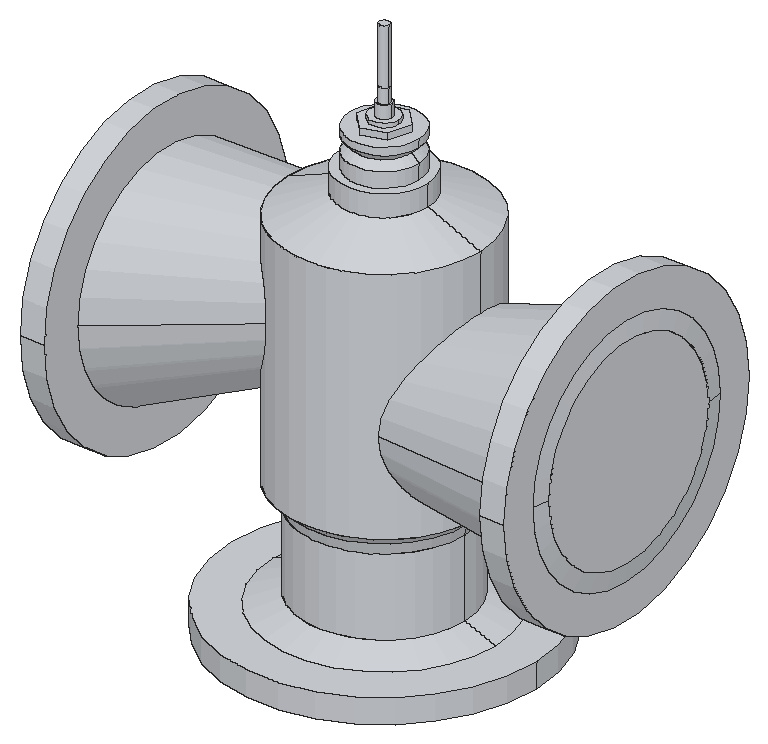
Revit family "3FGB_PN16_DN125_RFA_2018", category Pipe Accessories, Revit 2018
Family settings
  Round Connector Dimension = Use Diameter
  Part Type = Valve - Breaks Into
  Work Plane-Based = No
  Always vertical = Yes
  Cut with Voids When Loaded = No
  Shared = No
Parameters (values of type "3FGB PN16 DN125")
  magiProductId = ""
  magiProductFamilyId = ""
  magiPartTypeId = 320
  isMeasuringValve [instance] = no
  ang2D [instance] = 0.00°
  Z9 = 4.2 mm
  Z8 = 5.7 mm
  Z7 = 3 mm
  Z6 = 6 mm
  Z5 = 6 mm
  Z4 = 12 mm
  Z3 = 194.35 mm
  Z19 = 9.9 mm
  Z18 = 29.25 mm
  Z17 = 4.5 mm
  Z16 = 11.25 mm
  Z15 = 48.65 mm
  Z14__ve = -Z14  # -17.375 mm
  Z14 = 17.375 mm
  Z13 = 9.01 mm
  Z12 = 63.07 mm
  Z11 = 84 mm
  Z10 = 5.1 mm
  Y1 = 71.28 mm
  X4 = 19.8 mm
  X3 = 31.68 mm
  X2__ve = -X2  # -19.8 mm
  X2 = 19.8 mm
  X1 = 2 mm
  W2D = 125 mm
  VersionID = ""
  Use Minimum Symbol Size [instance] = no
  URL = "www.hydronix.cz"
  Type Comments = "Přírubový; EQM charakteristika ve směru A-AB; PN16; -10~+150°C"
  R9 = 4 mm
  R8 = 8.661 mm
  R7 = 11.547 mm
  R6 = 19.246 mm
  R5 = 22.81 mm
  R4 = 28.512 mm
  R3 = 35.64 mm
  R2 = 68.625 mm
  R13 = 65.88 mm
  R12 = 6.062 mm
  R11 = 11.692 mm
  R10 = 7.794 mm
  R1 = 54.9 mm
  QmdConnectorList = "301;D;302;D;303;D"
  Productdata [instance] = ""
  N = 8
  Manufacturer = "Hydronix"
  Maintenance Zone Under Depth [instance] = 234 mm
  Maintenance Zone Right Depth [instance] = 200 mm
  Maintenance Zone Over Depth [instance] = 244 mm
  Maintenance Zone Left Depth [instance] = 200 mm
  Maintenance Zone Front Depth [instance] = 125 mm
  Maintenance Zone Back Depth [instance] = 125 mm
  Maintenance Zone Front Visibility [instance] = no
  MT = 2
  MC Product Code = "3FGB125 (DN125; PN16; kvs200)"
  MC = yes
  LT2 = 200 mm
  L2D_Min = 30.48 mm
  L2D = 400 mm
  L = 400 mm
  HD = 18 mm
  HCDT2 = 91.5 mm
  HCD = 210 mm
  H4 = 200 mm
  H3 = 139 mm
  H2 = 45 mm
  H1 = 199 mm
  FDT2 = 125 mm
  FD = 250 mm
  Description = "3 cestný regulační ventil přírubový; DN125; PN16; kvs200; zdvih 45mm"
  DT2 = 62.5 mm
  D4 = 81.6 mm
  D3 = 96 mm
  D2 = 79.2 mm
  D = 125 mm
  CenSd_R6_6 = R6 * cos(30.00°)  # 16.667 mm
  Clearance Zone Height Depth [instance] = 244 mm
  Clearance Zone Circular Radius [instance] = 200 mm
  Clearance Zone Visibility [instance] = no
  CAT0 = yes
  CAT = no
  Assembly Code = ""
  A1 = 155.48 mm
Types (5, lengths in mm): name | Z9 | Z8 | Z6 | Z5 | Z4 | Z3 | Z19 | Z18 | Z17 | Z16 | Z15 | Z14__ve | Z14 | Z13 | Z12 | Z11 | Z10 | Y1 | X4 | X3 | X2__ve | X2 | W2D | R8 | R7 | R6 | R5 | R4 | R3 | R2 | R13 | R12 | R11 | R10 | R1 | N | Maintenance Zone Under Depth | Maintenance Zone Right Depth | Maintenance Zone Over Depth | Maintenance Zone Left Depth | Maintenance Zone Front Depth | Maintenance Zone Back Depth | MC Product Code | LT2 | L2D | L | HD | HCDT2 | HCD | H4 | H3 | H2 | H1 | FDT2 | FD | Description | DT2 | D4 | D3 | D2 | D | CenSd_R6_6 | Clearance Zone Height Depth | Clearance Zone Circular Radius | A1
  3FGB PN16 DN100 | 4.165 | 5.602 | 5.95 | 5.95 | 11.9 | 166.225 | 9.767 | 29.25 | 4.5 | 11.25 | 40.775 | -14.562 | 14.562 | 7.885 | 55.195 | 72 | 5.082 | 62.28 | 17.3 | 27.68 | -17.3 | 17.3 | 100 | 7.567 | 10.089 | 16.816 | 19.93 | 24.912 | 31.14 | 57.375 | 55.08 | 5.297 | 10.215 | 6.81 | 45.9 | 8 | 207 | 175 | 221 | 175 | 110 | 110 | "3FGB100 (DN100; PN16; kvs130)" | 175 | 350 | 350 | 18 | 76.5 | 180 | 175 | 116.5 | 45 | 176 | 110 | 220 | "3 cestný regulační ventil přírubový; DN100; PN16; kvs130; zdvih 45mm" | 50 | 68.85 | 81 | 69.2 | 100 | 14.563 | 221 | 175 | 132.98
  3FGB PN16 DN125 | 4.2 | 5.7 | 6 | 6 | 12 | 194.35 | 9.9 | 29.25 | 4.5 | 11.25 | 48.65 | -17.375 | 17.375 | 9.01 | 63.07 | 84 | 5.1 | 71.28 | 19.8 | 31.68 | -19.8 | 19.8 | 125 | 8.661 | 11.547 | 19.246 | 22.81 | 28.512 | 35.64 | 68.625 | 65.88 | 6.062 | 11.692 | 7.794 | 54.9 | 8 | 234 | 200 | 244 | 200 | 125 | 125 | "3FGB125 (DN125; PN16; kvs200)" | 200 | 400 | 400 | 18 | 91.5 | 210 | 200 | 139 | 45 | 199 | 125 | 250 | "3 cestný regulační ventil přírubový; DN125; PN16; kvs200; zdvih 45mm" | 62.5 | 81.6 | 96 | 79.2 | 125 | 16.667 | 244 | 200 | 155.48
  3FGB PN16 DN150 | 4.2 | 5.7 | 6 | 6 | 12 | 225.85 | 9.9 | 29.25 | 4.5 | 11.25 | 54.95 | -19.625 | 19.625 | 10.81 | 75.67 | 96 | 5.1 | 85.68 | 23.8 | 38.08 | -23.8 | 23.8 | 150 | 10.41 | 13.88 | 23.134 | 27.418 | 34.272 | 42.84 | 77.625 | 74.52 | 7.287 | 14.054 | 9.369 | 62.1 | 8 | 277 | 240 | 262 | 240 | 142.5 | 142.5 | "3FGB150 (DN150; PN16; kvs300)" | 240 | 480 | 480 | 22 | 103.5 | 240 | 240 | 157 | 45 | 217 | 142.5 | 285 | "3 cestný regulační ventil přírubový; DN150; PN16; kvs300; zdvih 45mm" | 75 | 92.65 | 109 | 95.2 | 150 | 20.034 | 262 | 240 | 180.68
  3FGB PN16 DN065 | 4.2 | 5.7 | 6 | 6 | 12 | 136.6 | 9.9 | 16.25 | 2.5 | 6.25 | 33.25 | -11.875 | 11.875 | 6.535 | 45.745 | 58 | 5.1 | 51.48 | 14.3 | 22.88 | -14.3 | 14.3 | 65 | 6.255 | 8.34 | 13.9 | 16.474 | 20.592 | 25.74 | 44.25 | 42.48 | 4.378 | 8.444 | 5.629 | 35.4 | 4 | 175 | 145 | 180 | 145 | 92.5 | 92.5 | "3FGB65 (DN65; PN16; kvs63)" | 145 | 290 | 290 | 18 | 59 | 145 | 145 | 95 | 25 | 155 | 92.5 | 185 | "3 cestný regulační ventil přírubový; DN65; PN16; kvs63; zdvih 25mm" | 32.5 | 53.975 | 63.5 | 57.2 | 65 | 12.037 | 180 | 145 | 109.28
  3FGB PN16 DN080 | 4.2 | 5.7 | 6 | 6 | 12 | 148.6 | 9.9 | 29.25 | 4.5 | 11.25 | 36.75 | -13.125 | 13.125 | 6.985 | 48.895 | 64 | 5.1 | 55.08 | 15.3 | 24.48 | -15.3 | 15.3 | 80 | 6.692 | 8.923 | 14.872 | 17.626 | 22.032 | 27.54 | 49.875 | 47.88 | 4.685 | 9.034 | 6.023 | 39.9 | 4 | 187 | 155 | 210 | 155 | 100 | 100 | "3FGB80 (DN80; PN16; kvs100)" | 155 | 310 | 310 | 18 | 66.5 | 160 | 155 | 105 | 45 | 165 | 100 | 200 | "3 cestný regulační ventil přírubový; DN80; PN16; kvs100; zdvih 45mm" | 40 | 60.35 | 71 | 61.2 | 80 | 12.879 | 210 | 155 | 118.88
Reference planes
  plane 1 "Center (Front/Back)": y = 0
  plane 2 "XYPLANE": z = 0
  plane 3 "Center (Left/Right)": x = 0
  plane 4 "227": z = -234
  plane 5 "226": y = 125
  plane 6 "225": y = -125
  plane 7 "224": x = 200
  plane 8 "223": x = -200
  plane 9 "222": z = 244
  plane 10 "182": z = 199
  plane 11 "161": z = 187
  plane 12 "158": z = 181.3
  plane 13 "150": z = 177.1
  plane 14 "148": z = 174.1
  plane 15 "142": z = 169
  plane 16 "136": z = 163
  plane 17 "135": z = 157
  plane 18 "131": z = 151
  plane 19 "78": z = 104.25
  plane 20 "77": z = 121.625
  plane 21 "74": z = 139
  plane 22 "70": z = -90.1
  plane 23 "65": z = -99.11
  plane 24 "64": z = -108.12
  plane 25 "58": z = -171.19
  plane 26 "57": z = -180.2
  plane 27 "46": z = -200
  plane 28 "28": x = 178.2
  plane 29 "27": x = 198
  plane 30 "21": z = -20
  plane 31 "16": z = 48.65
  plane 32 "13": x = -178.2
  plane 33 "7": x = -198
  plane 34 "6": x = 200
  plane 35 "5": x = -200
  plane 36 "3": y = 0
  plane 37 "2": z = 0
  plane 38 "1": x = 0
Forms (mm)
  Extrusion 1, solid, visible <- "Clearance Zone Visibility"
    sketch origin (-750, 0, 0) x (1, 0, 0) y (0, 1, 0)
      loop
        circle (750, 0) r 200
    from 0 to 244 <- "Clearance Zone Height Depth"
  Blend 2, solid, visible <- "Maintenance Zone Front Visibility"
    base sketch origin (-750, 0, 244) x (1, 0, 0) y (0, 1, 0)
      loop
        line (550, 125) -> (550, -125) -> (950, -125) -> (950, 125) -> (550, 125)
    top sketch origin (-750, 0, 244) x (1, 0, 0) y (0, 1, 0)
      loop
        line (550, 125) -> (550, -125) -> (950, -125) -> (950, 125) -> (550, 125)
    from 0 to -478
  Extrusion 3, solid
    sketch origin (-750, 0, 177.1) x (1, 0, 0) y (0, 1, 0)
      loop
        circle (750, 0) r 6.062
    from 0 to 9.9 <- "Z19"
  Extrusion 4, solid
    sketch origin (-750, 0, 199) x (1, 0, 0) y (0, 1, 0)
      loop
        circle (750, 0) r 4
    from 0 to 45 <- "H2"
  Extrusion 5, solid
    sketch origin (-750, 0, 187) x (1, 0, 0) y (0, 1, 0)
      loop
        circle (750, 0) r 4
    from 0 to 12 <- "Z4"
  Extrusion 6, solid
    sketch origin (-750, 0, 174.1) x (1, 0, 0) y (0, 1, 0)
      loop
        circle (750, 0) r 11.547
    from 0 to 3 <- "Z7"
  Extrusion 7, solid
    sketch origin (-750, 0, 169) x (1, 0, 0) y (0, 1, 0)
      loop
        line (763.609, -13.609) -> (768.59, 4.981) -> (754.981, 18.59) -> (736.391, 13.609) -> (731.41, -4.981) -> (745.019, -18.59) -> (763.609, -13.609)
    from 0 to 5.1 <- "Z10"
  Extrusion 8, solid
    sketch origin (-750, 0, 163) x (1, 0, 0) y (0, 1, 0)
      loop
        circle (750, 0) r 28.512
    from 0 to 6 <- "Z6"
  Blend 9, solid
    base sketch origin (-750, 0, 157) x (1, 0, 0) y (0, 1, 0)
      loop
        circle (750, 0) r 22.81
    top sketch origin (-750, 0, 157) x (1, 0, 0) y (0, 1, 0)
      loop
        circle (750, 0) r 28.512
    from 0 to 6
  Blend 10, solid
    base sketch origin (-750, 0, 151) x (1, 0, 0) y (0, 1, 0)
      loop
        circle (750, 0) r 28.512
    top sketch origin (-750, 0, 151) x (1, 0, 0) y (0, 1, 0)
      loop
        circle (750, 0) r 22.81
    from 0 to 6
  Extrusion 11, solid
    sketch origin (-750, 0, 139) x (1, 0, 0) y (0, 1, 0)
      loop
        circle (750, 0) r 28.512
    from 0 to 12 <- "Z4"
  Extrusion 12, solid
    sketch origin (-750, 0, 139) x (1, 0, 0) y (0, 1, 0)
      loop
        circle (750, 0) r 35.64
    from 0 to -17.375 <- "Z14__ve"
  Blend 13, solid
    base sketch origin (-750, 0, 104.25) x (1, 0, 0) y (0, 1, 0)
      loop
        circle (750, 0) r 79.2
    top sketch origin (-750, 0, 104.25) x (1, 0, 0) y (0, 1, 0)
      loop
        circle (750, 0) r 35.64
    from 0 to 17.375
  Blend 14, solid
    base sketch origin (-750, 0, -99.11) x (1, 0, 0) y (0, 1, 0)
      loop
        circle (750, 0) r 68.625
    top sketch origin (-750, 0, -99.11) x (1, 0, 0) y (0, 1, 0)
      loop
        circle (750, 0) r 79.2
    from 0 to 9.01
  Blend 15, solid
    base sketch origin (-750, 0, -108.12) x (1, 0, 0) y (0, 1, 0)
      loop
        circle (750, 0) r 65.88
    top sketch origin (-750, 0, -108.12) x (1, 0, 0) y (0, 1, 0)
      loop
        circle (750, 0) r 68.625
    from 0 to 9.01
  Extrusion 16, solid
    sketch origin (-750, 0, -171.19) x (1, 0, 0) y (0, 1, 0)
      loop
        circle (750, 0) r 65.88
    from 0 to 63.07 <- "Z12"
  Blend 17, solid
    base sketch origin (-750, 0, -180.2) x (1, 0, 0) y (0, 1, 0)
      loop
        circle (750, 0) r 91.5
    top sketch origin (-750, 0, -180.2) x (1, 0, 0) y (0, 1, 0)
      loop
        circle (750, 0) r 65.88
    from 0 to 9.01
  Extrusion 18, solid
    sketch origin (-750, 0, -200) x (1, 0, 0) y (0, 1, 0)
      loop
        circle (750, 0) r 125
    from 0 to 19.8 <- "X4"
  Blend 19, solid
    base sketch origin (198, -750, 0) x (0, 1, 0) y (0, 0, 1)
      loop
        circle (750, 0) r 96
    top sketch origin (198, -750, 0) x (0, 1, 0) y (0, 0, 1)
      loop
        circle (750, 0) r 81.6
    from 0 to 2
  Blend 20, solid
    base sketch origin (-200, -750, 0) x (0, 1, 0) y (0, 0, 1)
      loop
        circle (750, 0) r 81.6
    top sketch origin (-200, -750, 0) x (0, 1, 0) y (0, 0, 1)
      loop
        circle (750, 0) r 96
    from 0 to 2
  Extrusion 21, solid
    sketch origin (198, -750, 0) x (0, 1, 0) y (0, 0, 1)
      loop
        circle (750, 0) r 125
    from 0 to -19.8 <- "X2__ve"
  Blend 22, solid
    base sketch origin (0, -750, 0) x (0, 1, 0) y (0, 0, 1)
      loop
        circle (750, -20) r 54.9
    top sketch origin (0, -750, 0) x (0, 1, 0) y (0, 0, 1)
      loop
        circle (750, 0) r 91.5
    from 0 to 178.2
  Extrusion 23, solid
    sketch origin (-750, 0, -90.1) x (1, 0, 0) y (0, 1, 0)
      loop
        circle (750, 0) r 79.2
    from 0 to 194.35 <- "Z3"
  Blend 24, solid
    base sketch origin (-178.2, -750, 0) x (0, 1, 0) y (0, 0, 1)
      loop
        circle (750, 0) r 91.5
    top sketch origin (-178.2, -750, 0) x (0, 1, 0) y (0, 0, 1)
      loop
        circle (750, 48.65) r 54.9
    from 0 to 178.2
  Extrusion 25, solid
    sketch origin (-198, -750, 0) x (0, 1, 0) y (0, 0, 1)
      loop
        circle (750, 0) r 125
    from 0 to 19.8 <- "X2"
  Extrusion 26, solid, not visible
    sketch origin (-750, 0, -200) x (1, 0, 0) y (0, 1, 0)
      loop
        circle (750, 0) r 10
    from 0 to 10
  Extrusion 27, solid, not visible
    sketch origin (200, -750, 0) x (0, 1, 0) y (0, 0, 1)
      loop
        circle (750, 0) r 10
    from 0 to -10
  Extrusion 28, solid, not visible
    sketch origin (-200, -750, 0) x (0, 1, 0) y (0, 0, 1)
      loop
        circle (750, 0) r 10
    from 0 to 10
Lines and regions (mm)
  reference lines, not visible
    curve 1: circle (2, 2, 0) r 1 normal (0, 0, 1)
  reference lines
    curve 2: line (0, 0, 169) -> (2.176, 8.121, 169)
    curve 3: line (0, 0, 169) -> (-5.945, 5.945, 169)
    curve 4: line (0, 0, 169) -> (-8.121, -2.176, 169)
Dimensions and locks
  plane 1 "Center (Front/Back)" to curve 1 = 2 mm
  "Maintenance Zone Under Depth": plane 2 "XYPLANE" to plane 4 "227"
  "Maintenance Zone Back Depth": plane 1 "Center (Front/Back)" to plane 5 "226"
  "Maintenance Zone Front Depth": plane 1 "Center (Front/Back)" to plane 6 "225"
  "Maintenance Zone Right Depth": plane 3 "Center (Left/Right)" to plane 7 "224"
  "Maintenance Zone Left Depth": plane 3 "Center (Left/Right)" to plane 8 "223"
  "Maintenance Zone Over Depth": plane 2 "XYPLANE" to plane 9 "222"
  "Z4": plane 11 "161" to plane 10 "182"
  "Z8": plane 12 "158" to plane 11 "161"
  "Z9": plane 13 "150" to plane 12 "158"
  "Z7": plane 14 "148" to plane 13 "150"
  "Z10": plane 15 "142" to plane 14 "148"
  "Z6": plane 16 "136" to plane 15 "142"
  "Z5": plane 17 "135" to plane 16 "136"
  "Z5": plane 18 "131" to plane 17 "135"
  "Z4": plane 21 "74" to plane 18 "131"
  "Z14": plane 20 "77" to plane 19 "78"
  "Z14": plane 21 "74" to plane 20 "77"
  "H3": plane 2 "XYPLANE" to plane 21 "74"
  "Z13": plane 23 "65" to plane 22 "70"
  "Z13": plane 24 "64" to plane 23 "65"
  "Z12": plane 25 "58" to plane 24 "64"
  "Z13": plane 26 "57" to plane 25 "58"
  "X4": plane 27 "46" to plane 26 "57"
  "H4": plane 2 "XYPLANE" to plane 27 "46"
  "X2": plane 29 "27" to plane 28 "28"
  "X1": plane 34 "6" to plane 29 "27"
  locked: plane 37 "2" to plane 30 "21" at 20
  "Z15": plane 37 "2" to plane 31 "16"
  "X2": plane 33 "7" to plane 32 "13"
  "X1": plane 35 "5" to plane 33 "7"
  "LT2": plane 3 "Center (Left/Right)" to plane 34 "6"
  "LT2": plane 3 "Center (Left/Right)" to plane 35 "5"
  locked: plane 1 "Center (Front/Back)" to plane 36 "3"
  locked: plane 2 "XYPLANE" to plane 37 "2"
  locked: plane 3 "Center (Left/Right)" to plane 38 "1"
  Blend 2 sketch curve to Blend 2 sketch curve = 0 mm  (x16)
  "CenSd_R6_6": curve 2 to Extrusion 7 sketch curve  (x2)
  "CenSd_R6_6": curve 3 to Extrusion 7 sketch curve  (x2)
  "CenSd_R6_6": curve 4 to Extrusion 7 sketch curve  (x2)
  Extrusion 7 sketch curve to Extrusion 7 sketch curve = 0 mm  (x12)
  "Clearance Zone Circular Radius": radius of Extrusion 1 sketch curve
  "R12": radius of Extrusion 3 sketch curve
  "R9": radius of Extrusion 4 sketch curve
  "R9": radius of Extrusion 5 sketch curve
  "R7": radius of Extrusion 6 sketch curve
  "R4": radius of Extrusion 8 sketch curve
  "R4": radius of Blend 9 sketch curve
  "R5": radius of Blend 9 sketch curve
  "R5": radius of Blend 10 sketch curve
  "R4": radius of Blend 10 sketch curve
  "R4": radius of Extrusion 11 sketch curve
  "R3": radius of Extrusion 12 sketch curve
  "R3": radius of Blend 13 sketch curve
  "D2": radius of Blend 13 sketch curve
  "D2": radius of Blend 14 sketch curve
  "R2": radius of Blend 14 sketch curve
  "R2": radius of Blend 15 sketch curve
  "R13": radius of Blend 15 sketch curve
  "R13": radius of Extrusion 16 sketch curve
  "R13": radius of Blend 17 sketch curve
  "HCDT2": radius of Blend 17 sketch curve
  "FDT2": radius of Extrusion 18 sketch curve
  "D4": radius of Blend 19 sketch curve
  "D3": radius of Blend 19 sketch curve
  "D3": radius of Blend 20 sketch curve
  "D4": radius of Blend 20 sketch curve
  "FDT2": radius of Extrusion 21 sketch curve
  "HCDT2": radius of Blend 22 sketch curve
  "R1": radius of Blend 22 sketch curve
  "D2": radius of Extrusion 23 sketch curve
  "R1": radius of Blend 24 sketch curve
  "HCDT2": radius of Blend 24 sketch curve
  "FDT2": radius of Extrusion 25 sketch curve
  locked: curve 3 to curve 2 (angle 60.00°)
  locked: curve 4 to curve 3 (angle 60.00°)
  locked: curve 4 to curve 2 (angle 120.00°)
  aligned and locked: level to plane 2 "XYPLANE"
  aligned and locked: plane 36 "3" to Extrusion 1 sketch curve
  aligned and locked: plane 38 "1" to Extrusion 1 sketch curve
  aligned and locked: Blend 2 sketch curve to plane 8 "223"  (x2)
  aligned and locked: plane 5 "226" to Blend 2 sketch curve  (x4)
  aligned and locked: plane 6 "225" to Blend 2 sketch curve  (x4)
  aligned and locked: plane 8 "223" to Blend 2 sketch curve  (x2)
  aligned and locked: plane 7 "224" to Blend 2 sketch curve  (x4)
  aligned and locked: Blend 2 to plane 4 "227"
  aligned and locked: plane 36 "3" to Extrusion 3 sketch curve
  aligned and locked: plane 38 "1" to Extrusion 3 sketch curve
  aligned and locked: plane 36 "3" to Extrusion 4 sketch curve
  aligned and locked: plane 38 "1" to Extrusion 4 sketch curve
  aligned and locked: plane 36 "3" to Extrusion 5 sketch curve
  aligned and locked: plane 38 "1" to Extrusion 5 sketch curve
  aligned and locked: plane 36 "3" to Extrusion 6 sketch curve
  aligned and locked: plane 38 "1" to Extrusion 6 sketch curve
  aligned and locked: plane 36 "3" to curve 3
  aligned and locked: plane 38 "1" to curve 4
  aligned and locked: plane 36 "3" to Extrusion 8 sketch curve
  aligned and locked: plane 38 "1" to Extrusion 8 sketch curve
  aligned and locked: plane 36 "3" to Blend 9 sketch curve  (x2)
  aligned and locked: plane 38 "1" to Blend 9 sketch curve  (x2)
  aligned and locked: plane 16 "136" to Blend 9
  aligned and locked: plane 36 "3" to Blend 10 sketch curve  (x2)
  aligned and locked: plane 38 "1" to Blend 10 sketch curve  (x2)
  aligned and locked: plane 17 "135" to Blend 10
  aligned and locked: plane 36 "3" to Extrusion 11 sketch curve
  aligned and locked: plane 38 "1" to Extrusion 11 sketch curve
  aligned and locked: plane 36 "3" to Extrusion 12 sketch curve
  aligned and locked: plane 38 "1" to Extrusion 12 sketch curve
  aligned and locked: plane 36 "3" to Blend 13 sketch curve  (x2)
  aligned and locked: plane 38 "1" to Blend 13 sketch curve  (x2)
  aligned and locked: plane 20 "77" to Blend 13
  aligned and locked: plane 36 "3" to Blend 14 sketch curve  (x2)
  aligned and locked: plane 38 "1" to Blend 14 sketch curve  (x2)
  aligned and locked: plane 22 "70" to Blend 14
  aligned and locked: plane 36 "3" to Blend 15 sketch curve  (x2)
  aligned and locked: plane 38 "1" to Blend 15 sketch curve  (x2)
  aligned and locked: plane 23 "65" to Blend 15
  aligned and locked: plane 36 "3" to Extrusion 16 sketch curve
  aligned and locked: plane 38 "1" to Extrusion 16 sketch curve
  aligned and locked: plane 36 "3" to Blend 17 sketch curve  (x2)
  aligned and locked: plane 38 "1" to Blend 17 sketch curve  (x2)
  aligned and locked: plane 25 "58" to Blend 17
  aligned and locked: plane 36 "3" to Extrusion 18 sketch curve
  aligned and locked: plane 38 "1" to Extrusion 18 sketch curve
  aligned and locked: Blend 19 sketch curve to plane 36 "3"  (x2)
  aligned and locked: plane 37 "2" to Blend 19 sketch curve  (x2)
  aligned and locked: plane 34 "6" to Blend 19
  aligned and locked: Blend 20 sketch curve to plane 36 "3"  (x2)
  aligned and locked: plane 37 "2" to Blend 20 sketch curve  (x2)
  aligned and locked: plane 33 "7" to Blend 20
  aligned and locked: Extrusion 21 sketch curve to plane 36 "3"
  aligned and locked: plane 37 "2" to Extrusion 21 sketch curve
  aligned and locked: Blend 22 sketch curve to plane 36 "3"  (x2)
  aligned and locked: plane 37 "2" to Blend 22 sketch curve
  aligned and locked: plane 30 "21" to Blend 22 sketch curve
  aligned and locked: plane 28 "28" to Blend 22
  aligned and locked: plane 36 "3" to Extrusion 23 sketch curve
  aligned and locked: plane 38 "1" to Extrusion 23 sketch curve
  aligned and locked: plane 31 "16" to Blend 24 sketch curve
  aligned and locked: plane 36 "3" to Blend 24 sketch curve
  aligned and locked: Blend 24 sketch curve to plane 36 "3"
  aligned and locked: plane 37 "2" to Blend 24 sketch curve
  aligned and locked: plane 38 "1" to Blend 24
  aligned and locked: Extrusion 25 sketch curve to plane 36 "3"
  aligned and locked: plane 37 "2" to Extrusion 25 sketch curve
  aligned and locked: plane 36 "3" to Extrusion 26 sketch curve
  aligned and locked: plane 38 "1" to Extrusion 26 sketch curve
  aligned and locked: Extrusion 27 sketch curve to plane 36 "3"
  aligned and locked: plane 37 "2" to Extrusion 27 sketch curve
  aligned and locked: Extrusion 28 sketch curve to plane 36 "3"
  aligned and locked: plane 37 "2" to Extrusion 28 sketch curve
Automatic sketch dimensions
  plane 1 "Center (Front/Back)" to curve 4 = 2.176 mm
  plane 1 "Center (Front/Back)" to Extrusion 26 sketch curve = 10 mm
  plane 1 "Center (Front/Back)" to Extrusion 27 sketch curve = 10 mm
  plane 1 "Center (Front/Back)" to Extrusion 28 sketch curve = 10 mm
  plane 3 "Center (Left/Right)" to curve 1 = 2 mm
  radius of curve 1 = 1 mm
Connectors
  piping at (-200, 0, 0), diameter 125, driven by "D"
    settings: on Extrusion 28, index 1, connector inside diameter 609.6 mm, connector length 0 mm, flow factor 0, pipe flow 0.0 L/s, pressure drop 0.0 Pa, fitting loss kfactor 0, connector angle 0.00°, fixture units 0, engagement length 0 mm, angle of deflection 0.00°, flow configuration 0, flow direction 0, fitting loss method 0, system type 29, joint type 0, gender type 0, connector reference index -1, connector utility 0, adjustable connector yes, is connector primary yes, connector description ""
  piping at (200, 0, 0), diameter 125, driven by "D"
    settings: on Extrusion 27, index 2, connector inside diameter 609.6 mm, connector length 0 mm, flow factor 0, pipe flow 0.0 L/s, pressure drop 0.0 Pa, fitting loss kfactor 0, connector angle 0.00°, fixture units 0, engagement length 0 mm, angle of deflection 0.00°, flow configuration 0, flow direction 0, fitting loss method 0, system type 29, joint type 0, gender type 0, connector reference index -1, connector utility 0, adjustable connector yes, is connector primary no, connector description ""
  piping at (0, 0, -200), diameter 125, driven by "D"
    settings: on Extrusion 26, index 3, connector inside diameter 609.6 mm, connector length 0 mm, flow factor 0, pipe flow 0.0 L/s, pressure drop 0.0 Pa, fitting loss kfactor 0, connector angle 0.00°, fixture units 0, engagement length 0 mm, angle of deflection 0.00°, flow configuration 0, flow direction 0, fitting loss method 0, system type 29, joint type 0, gender type 0, connector reference index -1, connector utility 0, adjustable connector yes, is connector primary no, connector description ""
